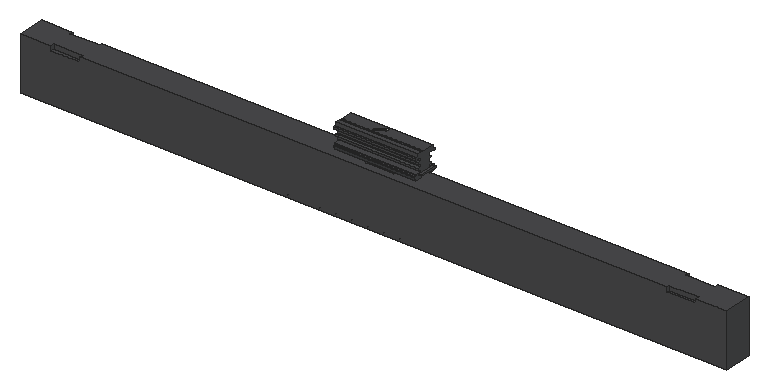
Revit family "DOT SINGLE HEAD RAIL 964_DTM40W9.5.36", category Luminarias, Revit 2019
Family settings
  Cota de conector redondo = Diámetro de uso
  Tipo de pieza = Normal
  Se basa en plano de trabajo = Sí
  Siempre vertical = Sí
  Corte con vacíos al cargar = No
  Origen de luz = Sí
  Compartido = No
  Punto de cálculo de habitación = No
Parameters (values of type "DOT SINGLE HEAD RAIL 964_DTM40W9.5.36")
  Ángulo de inclinación = 60.00°
  Zone [instance] = ""
  Watt per fixture = 40
  Wattage = 40 W
  built-in parameter 1150107 = 3000 (stored number, unit not read)
  built-in parameter 1150110 = 1 (stored number, unit not read)
  built-in parameter 1150109 = 1 (stored number, unit not read)
  built-in parameter 1150112 = 1 (stored number, unit not read)
  built-in parameter 1150113 = 1 (stored number, unit not read)
  built-in parameter 1114218 = 1 (stored number, unit not read)
  Keynote = ""
  built-in parameter 1150137 = (empty or 0)
  built-in parameter 1150132 = (empty or 0)
  Modelo = "DTM40W9.5.36"
  Lámpara = "3030SMD PHILIPS"
  built-in parameter 1150105 = 257.83 (stored number, unit not read)
  built-in parameter 1150102 = (empty or 0)
  built-in parameter 1150106 = 2.5783 (stored number, unit not read)
  Lumens = 3240 lm
  Color Filter = 16777215
  built-in parameter 1114217 = 1 (stored number, unit not read)
  built-in parameter 1150139 = (empty or 0)
  Fabricante = "BRILLANT"
  Default Elevation = 1219.2 mm
  built-in parameter 1150104 = 7.5251 (stored number, unit not read)
  Descripción = "LUMINARIA DOWNLIGHT EN FORMATO RECTANGULAR COMPATIBLE CON RIEL DE 6 ENTRADAS Y 3 CIRCUITOS CON CABEZAL PARA PODER DIRIGIR LA LUMINARIA HASTA 30 GRADOS, CUERPO DE ALUMINIO ACABADO EN COLOR NEGRO, IP 20, PESO 2.16Kg, TIPO DE LED 3030SMD PHILIPS CON 40W TOTAL, 3150 LUMENES, 81LM/W, IRC 90, TEMPERATURA EN BLANCO CALIDO 3000K, 50 MIL HORAS DE VIDA PROMEDIO, APERTURA DE 36 GRADOS POR PROYECTO, ALIMENTADO A 90-240V"
  built-in parameter 1150115 = 1 (stored number, unit not read)
  built-in parameter 1150114 = 1 (stored number, unit not read)
  Comentarios de vataje = "90-240V"
  built-in parameter 1150138 = (empty or 0)
  built-in parameter 1150134 = (empty or 0)
  Circuit [instance] = ""
  Dimming Lamp Color Temperature Shift = (empty or 0)
  Archivo de red fotométrica = "L964A-40W-830-B-36_IESNA95.IES"
  built-in parameter 1150133 = 10 (stored number, unit not read)
Reference planes
  plane 1 "Centro (Frontal/Posterior)": y = 0
  plane 2: z = 0
  plane 3 "Centro (Izquierda/Derecha)": x = 0
Forms (mm)
  Extrusion 1, solid, material "Default Form"
    sketch origin (0, 0, 0) x (1, 0, 0) y (0, 0, 1)
      loop
        line (-482, 0) -> (-482, -72) -> (482, -72) -> (482, 0) -> (-482, 0)
    from -18.326 to 18.326
  Blend 2, void
    base sketch origin (0, 0, 0) x (1, 0, 0) y (0, 1, 0)
      loop
        line (-162, 16.149) -> (-162, -16.149) -> (-144.14, -16.149) -> (-144.14, 16.149) -> (-162, 16.149)
    top sketch origin (0, 0, 0) x (1, 0, 0) y (0, 1, 0)
      loop
        line (-160, 12.149) -> (-160, -12.149) -> (-146.14, -12.149) -> (-146.14, 12.149) -> (-160, 12.149)
    from -72 to -61.591
  Blend 3, void
    base sketch origin (21.86, 0, 0) x (1, 0, 0) y (0, 1, 0)
      loop
        line (-162, 16.149) -> (-162, -16.149) -> (-144.14, -16.149) -> (-144.14, 16.149) -> (-162, 16.149)
    top sketch origin (21.86, 0, 0) x (1, 0, 0) y (0, 1, 0)
      loop
        line (-160, 12.149) -> (-160, -12.149) -> (-146.14, -12.149) -> (-146.14, 12.149) -> (-160, 12.149)
    from -72 to -61.591
  Blend 4, void
    base sketch origin (43.72, 0, 0) x (1, 0, 0) y (0, 1, 0)
      loop
        line (-162, 16.149) -> (-162, -16.149) -> (-144.14, -16.149) -> (-144.14, 16.149) -> (-162, 16.149)
    top sketch origin (43.72, 0, 0) x (1, 0, 0) y (0, 1, 0)
      loop
        line (-160, 12.149) -> (-160, -12.149) -> (-146.14, -12.149) -> (-146.14, 12.149) -> (-160, 12.149)
    from -72 to -61.591
  Blend 5, void
    base sketch origin (65.58, 0, 0) x (1, 0, 0) y (0, 1, 0)
      loop
        line (-162, 16.149) -> (-162, -16.149) -> (-144.14, -16.149) -> (-144.14, 16.149) -> (-162, 16.149)
    top sketch origin (65.58, 0, 0) x (1, 0, 0) y (0, 1, 0)
      loop
        line (-160, 12.149) -> (-160, -12.149) -> (-146.14, -12.149) -> (-146.14, 12.149) -> (-160, 12.149)
    from -72 to -61.591
  Blend 6, void
    base sketch origin (87.44, 0, 0) x (1, 0, 0) y (0, 1, 0)
      loop
        line (-162, 16.149) -> (-162, -16.149) -> (-144.14, -16.149) -> (-144.14, 16.149) -> (-162, 16.149)
    top sketch origin (87.44, 0, 0) x (1, 0, 0) y (0, 1, 0)
      loop
        line (-160, 12.149) -> (-160, -12.149) -> (-146.14, -12.149) -> (-146.14, 12.149) -> (-160, 12.149)
    from -72 to -61.591
  Blend 7, void
    base sketch origin (109.3, 0, 0) x (1, 0, 0) y (0, 1, 0)
      loop
        line (-162, 16.149) -> (-162, -16.149) -> (-144.14, -16.149) -> (-144.14, 16.149) -> (-162, 16.149)
    top sketch origin (109.3, 0, 0) x (1, 0, 0) y (0, 1, 0)
      loop
        line (-160, 12.149) -> (-160, -12.149) -> (-146.14, -12.149) -> (-146.14, 12.149) -> (-160, 12.149)
    from -72 to -61.591
  Blend 8, void
    base sketch origin (131.16, 0, 0) x (1, 0, 0) y (0, 1, 0)
      loop
        line (-162, 16.149) -> (-162, -16.149) -> (-144.14, -16.149) -> (-144.14, 16.149) -> (-162, 16.149)
    top sketch origin (131.16, 0, 0) x (1, 0, 0) y (0, 1, 0)
      loop
        line (-160, 12.149) -> (-160, -12.149) -> (-146.14, -12.149) -> (-146.14, 12.149) -> (-160, 12.149)
    from -72 to -61.591
  Blend 9, void
    base sketch origin (153.02, 0, 0) x (1, 0, 0) y (0, 1, 0)
      loop
        line (-162, 16.149) -> (-162, -16.149) -> (-144.14, -16.149) -> (-144.14, 16.149) -> (-162, 16.149)
    top sketch origin (153.02, 0, 0) x (1, 0, 0) y (0, 1, 0)
      loop
        line (-160, 12.149) -> (-160, -12.149) -> (-146.14, -12.149) -> (-146.14, 12.149) -> (-160, 12.149)
    from -72 to -61.591
  Blend 10, void
    base sketch origin (174.88, 0, 0) x (1, 0, 0) y (0, 1, 0)
      loop
        line (-162, 16.149) -> (-162, -16.149) -> (-144.14, -16.149) -> (-144.14, 16.149) -> (-162, 16.149)
    top sketch origin (174.88, 0, 0) x (1, 0, 0) y (0, 1, 0)
      loop
        line (-160, 12.149) -> (-160, -12.149) -> (-146.14, -12.149) -> (-146.14, 12.149) -> (-160, 12.149)
    from -72 to -61.591
  Blend 11, void
    base sketch origin (196.74, 0, 0) x (1, 0, 0) y (0, 1, 0)
      loop
        line (-162, 16.149) -> (-162, -16.149) -> (-144.14, -16.149) -> (-144.14, 16.149) -> (-162, 16.149)
    top sketch origin (196.74, 0, 0) x (1, 0, 0) y (0, 1, 0)
      loop
        line (-160, 12.149) -> (-160, -12.149) -> (-146.14, -12.149) -> (-146.14, 12.149) -> (-160, 12.149)
    from -72 to -61.591
  Blend 12, void
    base sketch origin (218.6, 0, 0) x (1, 0, 0) y (0, 1, 0)
      loop
        line (-162, 16.149) -> (-162, -16.149) -> (-144.14, -16.149) -> (-144.14, 16.149) -> (-162, 16.149)
    top sketch origin (218.6, 0, 0) x (1, 0, 0) y (0, 1, 0)
      loop
        line (-160, 12.149) -> (-160, -12.149) -> (-146.14, -12.149) -> (-146.14, 12.149) -> (-160, 12.149)
    from -72 to -61.591
  Blend 13, void
    base sketch origin (240.46, 0, 0) x (1, 0, 0) y (0, 1, 0)
      loop
        line (-162, 16.149) -> (-162, -16.149) -> (-144.14, -16.149) -> (-144.14, 16.149) -> (-162, 16.149)
    top sketch origin (240.46, 0, 0) x (1, 0, 0) y (0, 1, 0)
      loop
        line (-160, 12.149) -> (-160, -12.149) -> (-146.14, -12.149) -> (-146.14, 12.149) -> (-160, 12.149)
    from -72 to -61.591
  Blend 14, void
    base sketch origin (262.32, 0, 0) x (1, 0, 0) y (0, 1, 0)
      loop
        line (-162, 16.149) -> (-162, -16.149) -> (-144.14, -16.149) -> (-144.14, 16.149) -> (-162, 16.149)
    top sketch origin (262.32, 0, 0) x (1, 0, 0) y (0, 1, 0)
      loop
        line (-160, 12.149) -> (-160, -12.149) -> (-146.14, -12.149) -> (-146.14, 12.149) -> (-160, 12.149)
    from -72 to -61.591
  Blend 15, void
    base sketch origin (284.18, 0, 0) x (1, 0, 0) y (0, 1, 0)
      loop
        line (-162, 16.149) -> (-162, -16.149) -> (-144.14, -16.149) -> (-144.14, 16.149) -> (-162, 16.149)
    top sketch origin (284.18, 0, 0) x (1, 0, 0) y (0, 1, 0)
      loop
        line (-160, 12.149) -> (-160, -12.149) -> (-146.14, -12.149) -> (-146.14, 12.149) -> (-160, 12.149)
    from -72 to -61.591
  Blend 16, void
    base sketch origin (306.04, 0, 0) x (1, 0, 0) y (0, 1, 0)
      loop
        line (-162, 16.149) -> (-162, -16.149) -> (-144.14, -16.149) -> (-144.14, 16.149) -> (-162, 16.149)
    top sketch origin (306.04, 0, 0) x (1, 0, 0) y (0, 1, 0)
      loop
        line (-160, 12.149) -> (-160, -12.149) -> (-146.14, -12.149) -> (-146.14, 12.149) -> (-160, 12.149)
    from -72 to -61.591
  Extrusion 17, solid, material "Default Form"
    sketch origin (-55.628, 0, 7.5) x (0, 1, 0) y (0, 0, 1)
      loop
        line (-7.273, 1.74) -> (7.273, 1.74) -> (7.273, 0) -> (15.231, 0) -> (17.006, 4.494) -> (15.021, 4.494) -> (14.058, 5.868) -> (14.058, 7.166) -> (6.473, 7.166) -> (6.473, 9.324) -> (10.169, 10.163) -> (10.169, 12.464) -> (6.473, 13.302) -> (6.473, 16.66) -> (10.169, 17.499) -> (10.169, 19.8) -> (6.473, 20.638) -> (6.473, 25.016) -> (13.839, 25.016) -> (14.514, 24.341) -> (15.775, 24.341) -> (15.775, 27.171) -> (14.73, 27.171) -> (14.058, 26.499) -> (6.473, 26.499) -> (6.473, 27.299) -> (12.377, 27.299) -> (12.377, 31.471) -> (-2.744, 31.471) -> (-2.744, 30.671) -> (-5.514, 30.671) -> (-5.514, 31.471) -> (-12.377, 31.471) -> (-12.377, 27.299) -> (-6.473, 27.299) -> (-6.473, 26.499) -> (-14.058, 26.499) -> (-14.73, 27.171) -> (-15.775, 27.171) -> (-15.775, 24.341) -> (-14.514, 24.341) -> (-13.839, 25.016) -> (-6.473, 25.016) -> (-6.473, 20.638) -> (-10.169, 19.8) -> (-10.169, 17.499) -> (-6.473, 16.66) -> (-6.473, 13.302) -> (-10.169, 12.464) -> (-10.169, 10.163) -> (-6.473, 9.324) -> (-6.473, 7.166) -> (-14.058, 7.166) -> (-14.058, 5.868) -> (-15.021, 4.494) -> (-17.006, 4.494) -> (-15.231, 0) -> (-7.273, 0) -> (-7.273, 1.74)
    from 0 to 111.256
  Extrusion 18, solid, material "Default Form"
    sketch origin (0, 0, 0) x (1, 0, 0) y (0, 1, 0)
      loop
        line (-19.12, 6.873) -> (-19.12, -6.873) -> (19.12, -6.873) -> (19.12, 6.873) -> (-19.12, 6.873)
    from 0 to 2.67
  Extrusion 19, solid, material "Default Form"
    sketch origin (0, 0, 0) x (1, 0, 0) y (0, 1, 0)
      loop
        line (-10.93, 3.188) -> (-10.93, -3.188) -> (10.93, -3.188) -> (10.93, 3.188) -> (-10.93, 3.188)
    from 2.67 to 7.5
  Extrusion 20, void
    sketch origin (0, 0, 0) x (1, 0, 0) y (0, 1, 0)
      loop
        line (-400.28, 18.326) -> (-440, 18.326) -> (-440, 14.276) -> (-400.28, 14.276) -> (-400.28, 18.326)
      loop
        line (-440, -18.326) -> (-400.28, -18.326) -> (-400.28, -14.276) -> (-440, -14.276) -> (-440, -18.326)
      loop
        line (400.28, 18.326) -> (400.28, 14.276) -> (440, 14.276) -> (440, 18.326) -> (400.28, 18.326)
      loop
        line (440, -18.326) -> (440, -14.276) -> (400.28, -14.276) -> (400.28, -18.326) -> (440, -18.326)
    from -6.015 to 0
  Extrusion 21, solid, material "Acero Inoxidable"
    sketch origin (0, -1.594, 0) x (1, 0, 0) y (0, 0, -1)
      loop
        line (-15, -38.971) -> (3.794, -45.811) -> (4.341, -44.308) -> (3.589, -44.034) -> (3.316, -44.786) -> (-12.661, -38.971) -> (-15, -38.971)
    from 0 to 3.188
  Extrusion 22, solid, material "Default Form"
    sketch origin (0, 0, 0) x (1, 0, 0) y (0, 1, 0)
      loop
        line (-55.628, 6.473) -> (-66.331, 6.473) -> (-66.331, 0) -> (-55.628, 0) -> (-55.628, 6.473)
      loop
        line (55.628, 12.377) -> (55.628, -12.149) -> (60.628, -12.149) -> (60.628, 12.377) -> (55.628, 12.377)
    from 13.368 to 15
  Blend 23, void
    base sketch origin (-87.44, 0, 0) x (1, 0, 0) y (0, 1, 0)
      loop
        line (-162, 16.149) -> (-162, -16.149) -> (-144.14, -16.149) -> (-144.14, 16.149) -> (-162, 16.149)
    top sketch origin (-87.44, 0, 0) x (1, 0, 0) y (0, 1, 0)
      loop
        line (-160, 12.149) -> (-160, -12.149) -> (-146.14, -12.149) -> (-146.14, 12.149) -> (-160, 12.149)
    from -72 to -61.591
  Blend 24, void
    base sketch origin (-65.58, 0, 0) x (1, 0, 0) y (0, 1, 0)
      loop
        line (-162, 16.149) -> (-162, -16.149) -> (-144.14, -16.149) -> (-144.14, 16.149) -> (-162, 16.149)
    top sketch origin (-65.58, 0, 0) x (1, 0, 0) y (0, 1, 0)
      loop
        line (-160, 12.149) -> (-160, -12.149) -> (-146.14, -12.149) -> (-146.14, 12.149) -> (-160, 12.149)
    from -72 to -61.591
  Blend 25, void
    base sketch origin (-43.72, 0, 0) x (1, 0, 0) y (0, 1, 0)
      loop
        line (-162, 16.149) -> (-162, -16.149) -> (-144.14, -16.149) -> (-144.14, 16.149) -> (-162, 16.149)
    top sketch origin (-43.72, 0, 0) x (1, 0, 0) y (0, 1, 0)
      loop
        line (-160, 12.149) -> (-160, -12.149) -> (-146.14, -12.149) -> (-146.14, 12.149) -> (-160, 12.149)
    from -72 to -61.591
  Blend 26, void
    base sketch origin (-21.86, 0, 0) x (1, 0, 0) y (0, 1, 0)
      loop
        line (-162, 16.149) -> (-162, -16.149) -> (-144.14, -16.149) -> (-144.14, 16.149) -> (-162, 16.149)
    top sketch origin (-21.86, 0, 0) x (1, 0, 0) y (0, 1, 0)
      loop
        line (-160, 12.149) -> (-160, -12.149) -> (-146.14, -12.149) -> (-146.14, 12.149) -> (-160, 12.149)
    from -72 to -61.591
  Blend 27, void
    base sketch origin (-109.3, 0, 0) x (1, 0, 0) y (0, 1, 0)
      loop
        line (-162, 16.149) -> (-162, -16.149) -> (-144.14, -16.149) -> (-144.14, 16.149) -> (-162, 16.149)
    top sketch origin (-109.3, 0, 0) x (1, 0, 0) y (0, 1, 0)
      loop
        line (-160, 12.149) -> (-160, -12.149) -> (-146.14, -12.149) -> (-146.14, 12.149) -> (-160, 12.149)
    from -72 to -61.591
  Blend 28, void
    base sketch origin (327.9, 0, 0) x (1, 0, 0) y (0, 1, 0)
      loop
        line (-162, 16.149) -> (-162, -16.149) -> (-144.14, -16.149) -> (-144.14, 16.149) -> (-162, 16.149)
    top sketch origin (327.9, 0, 0) x (1, 0, 0) y (0, 1, 0)
      loop
        line (-160, 12.149) -> (-160, -12.149) -> (-146.14, -12.149) -> (-146.14, 12.149) -> (-160, 12.149)
    from -72 to -61.591
  Blend 29, void
    base sketch origin (349.76, 0, 0) x (1, 0, 0) y (0, 1, 0)
      loop
        line (-162, 16.149) -> (-162, -16.149) -> (-144.14, -16.149) -> (-144.14, 16.149) -> (-162, 16.149)
    top sketch origin (349.76, 0, 0) x (1, 0, 0) y (0, 1, 0)
      loop
        line (-160, 12.149) -> (-160, -12.149) -> (-146.14, -12.149) -> (-146.14, 12.149) -> (-160, 12.149)
    from -72 to -61.591
  Blend 30, void
    base sketch origin (371.62, 0, 0) x (1, 0, 0) y (0, 1, 0)
      loop
        line (-162, 16.149) -> (-162, -16.149) -> (-144.14, -16.149) -> (-144.14, 16.149) -> (-162, 16.149)
    top sketch origin (371.62, 0, 0) x (1, 0, 0) y (0, 1, 0)
      loop
        line (-160, 12.149) -> (-160, -12.149) -> (-146.14, -12.149) -> (-146.14, 12.149) -> (-160, 12.149)
    from -72 to -61.591
  Blend 31, void
    base sketch origin (393.48, 0, 0) x (1, 0, 0) y (0, 1, 0)
      loop
        line (-162, 16.149) -> (-162, -16.149) -> (-144.14, -16.149) -> (-144.14, 16.149) -> (-162, 16.149)
    top sketch origin (393.48, 0, 0) x (1, 0, 0) y (0, 1, 0)
      loop
        line (-160, 12.149) -> (-160, -12.149) -> (-146.14, -12.149) -> (-146.14, 12.149) -> (-160, 12.149)
    from -72 to -61.591
  Blend 32, void
    base sketch origin (415.34, 0, 0) x (1, 0, 0) y (0, 1, 0)
      loop
        line (-162, 16.149) -> (-162, -16.149) -> (-144.14, -16.149) -> (-144.14, 16.149) -> (-162, 16.149)
    top sketch origin (415.34, 0, 0) x (1, 0, 0) y (0, 1, 0)
      loop
        line (-160, 12.149) -> (-160, -12.149) -> (-146.14, -12.149) -> (-146.14, 12.149) -> (-160, 12.149)
    from -72 to -61.591
  Blend 33, void
    base sketch origin (-196.74, 0, 0) x (1, 0, 0) y (0, 1, 0)
      loop
        line (-162, 16.149) -> (-162, -16.149) -> (-144.14, -16.149) -> (-144.14, 16.149) -> (-162, 16.149)
    top sketch origin (-196.74, 0, 0) x (1, 0, 0) y (0, 1, 0)
      loop
        line (-160, 12.149) -> (-160, -12.149) -> (-146.14, -12.149) -> (-146.14, 12.149) -> (-160, 12.149)
    from -72 to -61.591
  Blend 34, void
    base sketch origin (-174.88, 0, 0) x (1, 0, 0) y (0, 1, 0)
      loop
        line (-162, 16.149) -> (-162, -16.149) -> (-144.14, -16.149) -> (-144.14, 16.149) -> (-162, 16.149)
    top sketch origin (-174.88, 0, 0) x (1, 0, 0) y (0, 1, 0)
      loop
        line (-160, 12.149) -> (-160, -12.149) -> (-146.14, -12.149) -> (-146.14, 12.149) -> (-160, 12.149)
    from -72 to -61.591
  Blend 35, void
    base sketch origin (-153.02, 0, 0) x (1, 0, 0) y (0, 1, 0)
      loop
        line (-162, 16.149) -> (-162, -16.149) -> (-144.14, -16.149) -> (-144.14, 16.149) -> (-162, 16.149)
    top sketch origin (-153.02, 0, 0) x (1, 0, 0) y (0, 1, 0)
      loop
        line (-160, 12.149) -> (-160, -12.149) -> (-146.14, -12.149) -> (-146.14, 12.149) -> (-160, 12.149)
    from -72 to -61.591
  Blend 36, void
    base sketch origin (-131.16, 0, 0) x (1, 0, 0) y (0, 1, 0)
      loop
        line (-162, 16.149) -> (-162, -16.149) -> (-144.14, -16.149) -> (-144.14, 16.149) -> (-162, 16.149)
    top sketch origin (-131.16, 0, 0) x (1, 0, 0) y (0, 1, 0)
      loop
        line (-160, 12.149) -> (-160, -12.149) -> (-146.14, -12.149) -> (-146.14, 12.149) -> (-160, 12.149)
    from -72 to -61.591
  Blend 37, void
    base sketch origin (-218.6, 0, 0) x (1, 0, 0) y (0, 1, 0)
      loop
        line (-162, 16.149) -> (-162, -16.149) -> (-144.14, -16.149) -> (-144.14, 16.149) -> (-162, 16.149)
    top sketch origin (-218.6, 0, 0) x (1, 0, 0) y (0, 1, 0)
      loop
        line (-160, 12.149) -> (-160, -12.149) -> (-146.14, -12.149) -> (-146.14, 12.149) -> (-160, 12.149)
    from -72 to -61.591
  Blend 38, void
    base sketch origin (437.2, 0, 0) x (1, 0, 0) y (0, 1, 0)
      loop
        line (-162, 16.149) -> (-162, -16.149) -> (-144.14, -16.149) -> (-144.14, 16.149) -> (-162, 16.149)
    top sketch origin (437.2, 0, 0) x (1, 0, 0) y (0, 1, 0)
      loop
        line (-160, 12.149) -> (-160, -12.149) -> (-146.14, -12.149) -> (-146.14, 12.149) -> (-160, 12.149)
    from -72 to -61.591
  Blend 39, void
    base sketch origin (459.06, 0, 0) x (1, 0, 0) y (0, 1, 0)
      loop
        line (-162, 16.149) -> (-162, -16.149) -> (-144.14, -16.149) -> (-144.14, 16.149) -> (-162, 16.149)
    top sketch origin (459.06, 0, 0) x (1, 0, 0) y (0, 1, 0)
      loop
        line (-160, 12.149) -> (-160, -12.149) -> (-146.14, -12.149) -> (-146.14, 12.149) -> (-160, 12.149)
    from -72 to -61.591
  Blend 40, void
    base sketch origin (480.92, 0, 0) x (1, 0, 0) y (0, 1, 0)
      loop
        line (-162, 16.149) -> (-162, -16.149) -> (-144.14, -16.149) -> (-144.14, 16.149) -> (-162, 16.149)
    top sketch origin (480.92, 0, 0) x (1, 0, 0) y (0, 1, 0)
      loop
        line (-160, 12.149) -> (-160, -12.149) -> (-146.14, -12.149) -> (-146.14, 12.149) -> (-160, 12.149)
    from -72 to -61.591
  Blend 41, void
    base sketch origin (502.78, 0, 0) x (1, 0, 0) y (0, 1, 0)
      loop
        line (-162, 16.149) -> (-162, -16.149) -> (-144.14, -16.149) -> (-144.14, 16.149) -> (-162, 16.149)
    top sketch origin (502.78, 0, 0) x (1, 0, 0) y (0, 1, 0)
      loop
        line (-160, 12.149) -> (-160, -12.149) -> (-146.14, -12.149) -> (-146.14, 12.149) -> (-160, 12.149)
    from -72 to -61.591
  Blend 42, void
    base sketch origin (524.64, 0, 0) x (1, 0, 0) y (0, 1, 0)
      loop
        line (-162, 16.149) -> (-162, -16.149) -> (-144.14, -16.149) -> (-144.14, 16.149) -> (-162, 16.149)
    top sketch origin (524.64, 0, 0) x (1, 0, 0) y (0, 1, 0)
      loop
        line (-160, 12.149) -> (-160, -12.149) -> (-146.14, -12.149) -> (-146.14, 12.149) -> (-160, 12.149)
    from -72 to -61.591
Cuts and joins
  Blend 2, Blend 3, Blend 4, Blend 5, Blend 6, Blend 7, Blend 8, Blend 9, Blend 10, Blend 11, Blend 12, Blend 13, Blend 14, Blend 15, Blend 16, Extrusion 20, Blend 23, Blend 24, Blend 25, Blend 26, Blend 27, Blend 28, Blend 29, Blend 30, Blend 31, Blend 32, Blend 33, Blend 34, Blend 35, Blend 36, Blend 37, Blend 38, Blend 39, Blend 40, Blend 41, Blend 42 cuts Extrusion 1
Dimensions and locks
  equal spacing: Extrusion 1, plane 1 "Centro (Frontal/Posterior)", Extrusion 1
  Extrusion 1 to plane 1 "Centro (Frontal/Posterior)" = 18.326 mm
  Extrusion 1 to Extrusion 1 = 36.651 mm
  Extrusion 1 to Extrusion 1 = 72 mm
  Extrusion 1 to Extrusion 1 = 964 mm
  cut or joined group 1 (Extrusion 1, Blend 2, Blend 3, Blend 4, Blend 5, Blend 6, Blend 7, Blend 8, Blend 9, Blend 10, Blend 11, Blend 12, Blend 13, Blend 14, Blend 15, Blend 16, Extrusion 20, Blend 23, Blend 24, Blend 25, Blend 26, Blend 27, Blend 28, Blend 29, Blend 30, Blend 31, Blend 32, Blend 33, Blend 34, Blend 35, Blend 36, Blend 37, Blend 38, Blend 39, Blend 40, Blend 41, Blend 42) to cut or joined group 1 = 72 mm
  cut or joined group 1 to cut or joined group 1 = 36.651 mm
  cut or joined group 1 to cut or joined group 1 = 964 mm
  equal spacing: cut or joined group 1, plane 1 "Centro (Frontal/Posterior)", cut or joined group 1
  cut or joined group 1 to cut or joined group 1 = 42 mm
  aligned and locked: level to plane 2
  aligned and locked: Extrusion 19 to Extrusion 17
  aligned and locked: Extrusion 19 to Extrusion 18
Automatic sketch dimensions
  Extrusion 1 sketch curve to level = 0 mm
  Extrusion 1 sketch curve to level = 72 mm
  Extrusion 1 sketch curve to plane 3 "Centro (Izquierda/Derecha)" = 482 mm
  plane 3 "Centro (Izquierda/Derecha)" to Extrusion 1 sketch curve = 482 mm
  Blend 2 sketch curve to plane 1 "Centro (Frontal/Posterior)" = 16.149 mm
  Blend 2 sketch curve to plane 3 "Centro (Izquierda/Derecha)" = 162 mm
  Blend 2 sketch curve to Blend 2 sketch curve = 17.86 mm
  plane 1 "Centro (Frontal/Posterior)" to Blend 2 sketch curve = 16.149 mm
  Blend 2 sketch curve to plane 1 "Centro (Frontal/Posterior)" = 12.149 mm
  Blend 2 sketch curve to plane 3 "Centro (Izquierda/Derecha)" = 160 mm
  Blend 2 sketch curve to Blend 2 sketch curve = 13.86 mm
  plane 1 "Centro (Frontal/Posterior)" to Blend 2 sketch curve = 12.149 mm
  Blend 3 sketch curve to plane 1 "Centro (Frontal/Posterior)" = 16.149 mm
  Blend 3 sketch curve to plane 3 "Centro (Izquierda/Derecha)" = 140.14 mm
  Blend 3 sketch curve to Blend 3 sketch curve = 17.86 mm
  plane 1 "Centro (Frontal/Posterior)" to Blend 3 sketch curve = 16.149 mm
  Blend 3 sketch curve to plane 1 "Centro (Frontal/Posterior)" = 12.149 mm
  Blend 3 sketch curve to plane 3 "Centro (Izquierda/Derecha)" = 138.14 mm
  Blend 3 sketch curve to Blend 3 sketch curve = 13.86 mm
  plane 1 "Centro (Frontal/Posterior)" to Blend 3 sketch curve = 12.149 mm
  Blend 4 sketch curve to plane 1 "Centro (Frontal/Posterior)" = 16.149 mm
  Blend 4 sketch curve to plane 3 "Centro (Izquierda/Derecha)" = 118.28 mm
  Blend 4 sketch curve to Blend 4 sketch curve = 17.86 mm
  plane 1 "Centro (Frontal/Posterior)" to Blend 4 sketch curve = 16.149 mm
  Blend 4 sketch curve to plane 1 "Centro (Frontal/Posterior)" = 12.149 mm
  Blend 4 sketch curve to plane 3 "Centro (Izquierda/Derecha)" = 116.28 mm
  Blend 4 sketch curve to Blend 4 sketch curve = 13.86 mm
  plane 1 "Centro (Frontal/Posterior)" to Blend 4 sketch curve = 12.149 mm
  Blend 5 sketch curve to plane 1 "Centro (Frontal/Posterior)" = 16.149 mm
  Blend 5 sketch curve to plane 3 "Centro (Izquierda/Derecha)" = 96.42 mm
  Blend 5 sketch curve to Blend 5 sketch curve = 17.86 mm
  plane 1 "Centro (Frontal/Posterior)" to Blend 5 sketch curve = 16.149 mm
  Blend 5 sketch curve to plane 1 "Centro (Frontal/Posterior)" = 12.149 mm
  Blend 5 sketch curve to plane 3 "Centro (Izquierda/Derecha)" = 94.42 mm
  Blend 5 sketch curve to Blend 5 sketch curve = 13.86 mm
  plane 1 "Centro (Frontal/Posterior)" to Blend 5 sketch curve = 12.149 mm
  Blend 6 sketch curve to plane 1 "Centro (Frontal/Posterior)" = 16.149 mm
  Blend 6 sketch curve to plane 3 "Centro (Izquierda/Derecha)" = 74.56 mm
  Blend 6 sketch curve to Blend 6 sketch curve = 17.86 mm
  plane 1 "Centro (Frontal/Posterior)" to Blend 6 sketch curve = 16.149 mm
  Blend 6 sketch curve to plane 1 "Centro (Frontal/Posterior)" = 12.149 mm
  Blend 6 sketch curve to plane 3 "Centro (Izquierda/Derecha)" = 72.56 mm
  Blend 6 sketch curve to Blend 6 sketch curve = 13.86 mm
  plane 1 "Centro (Frontal/Posterior)" to Blend 6 sketch curve = 12.149 mm
  Blend 7 sketch curve to plane 1 "Centro (Frontal/Posterior)" = 16.149 mm
  Blend 7 sketch curve to plane 3 "Centro (Izquierda/Derecha)" = 52.7 mm
  Blend 7 sketch curve to Blend 7 sketch curve = 17.86 mm
  plane 1 "Centro (Frontal/Posterior)" to Blend 7 sketch curve = 16.149 mm
  Blend 7 sketch curve to plane 1 "Centro (Frontal/Posterior)" = 12.149 mm
  Blend 7 sketch curve to plane 3 "Centro (Izquierda/Derecha)" = 50.7 mm
  Blend 7 sketch curve to Blend 7 sketch curve = 13.86 mm
  plane 1 "Centro (Frontal/Posterior)" to Blend 7 sketch curve = 12.149 mm
  Blend 8 sketch curve to plane 3 "Centro (Izquierda/Derecha)" = 30.84 mm
  Blend 8 sketch curve to plane 3 "Centro (Izquierda/Derecha)" = 12.98 mm
  plane 1 "Centro (Frontal/Posterior)" to Blend 8 sketch curve = 16.149 mm
  Blend 8 sketch curve to plane 1 "Centro (Frontal/Posterior)" = 16.149 mm
  Blend 8 sketch curve to plane 1 "Centro (Frontal/Posterior)" = 12.149 mm
  Blend 8 sketch curve to plane 3 "Centro (Izquierda/Derecha)" = 28.84 mm
  Blend 8 sketch curve to Blend 8 sketch curve = 13.86 mm
  plane 1 "Centro (Frontal/Posterior)" to Blend 8 sketch curve = 12.149 mm
  Blend 9 sketch curve to plane 3 "Centro (Izquierda/Derecha)" = 8.98 mm
  plane 3 "Centro (Izquierda/Derecha)" to Blend 9 sketch curve = 8.88 mm
  plane 1 "Centro (Frontal/Posterior)" to Blend 9 sketch curve = 16.149 mm
  Blend 9 sketch curve to plane 1 "Centro (Frontal/Posterior)" = 16.149 mm
  Blend 9 sketch curve to plane 3 "Centro (Izquierda/Derecha)" = 6.98 mm
  plane 3 "Centro (Izquierda/Derecha)" to Blend 9 sketch curve = 6.88 mm
  plane 1 "Centro (Frontal/Posterior)" to Blend 9 sketch curve = 12.149 mm
  Blend 9 sketch curve to plane 1 "Centro (Frontal/Posterior)" = 12.149 mm
  plane 3 "Centro (Izquierda/Derecha)" to Blend 10 sketch curve = 12.88 mm
  Blend 10 sketch curve to Blend 10 sketch curve = 17.86 mm
  plane 1 "Centro (Frontal/Posterior)" to Blend 10 sketch curve = 16.149 mm
  Blend 10 sketch curve to plane 1 "Centro (Frontal/Posterior)" = 16.149 mm
  plane 3 "Centro (Izquierda/Derecha)" to Blend 10 sketch curve = 14.88 mm
  Blend 10 sketch curve to Blend 10 sketch curve = 13.86 mm
  plane 1 "Centro (Frontal/Posterior)" to Blend 10 sketch curve = 12.149 mm
  Blend 10 sketch curve to plane 1 "Centro (Frontal/Posterior)" = 12.149 mm
  Blend 11 sketch curve to plane 1 "Centro (Frontal/Posterior)" = 16.149 mm
  plane 3 "Centro (Izquierda/Derecha)" to Blend 11 sketch curve = 34.74 mm
  Blend 11 sketch curve to Blend 11 sketch curve = 17.86 mm
  plane 1 "Centro (Frontal/Posterior)" to Blend 11 sketch curve = 16.149 mm
  Blend 11 sketch curve to plane 1 "Centro (Frontal/Posterior)" = 12.149 mm
  plane 3 "Centro (Izquierda/Derecha)" to Blend 11 sketch curve = 36.74 mm
  Blend 11 sketch curve to Blend 11 sketch curve = 13.86 mm
  plane 1 "Centro (Frontal/Posterior)" to Blend 11 sketch curve = 12.149 mm
  Blend 12 sketch curve to plane 1 "Centro (Frontal/Posterior)" = 16.149 mm
  plane 3 "Centro (Izquierda/Derecha)" to Blend 12 sketch curve = 56.6 mm
  Blend 12 sketch curve to Blend 12 sketch curve = 17.86 mm
  plane 1 "Centro (Frontal/Posterior)" to Blend 12 sketch curve = 16.149 mm
  Blend 12 sketch curve to plane 1 "Centro (Frontal/Posterior)" = 12.149 mm
  plane 3 "Centro (Izquierda/Derecha)" to Blend 12 sketch curve = 58.6 mm
  Blend 12 sketch curve to Blend 12 sketch curve = 13.86 mm
  plane 1 "Centro (Frontal/Posterior)" to Blend 12 sketch curve = 12.149 mm
  Blend 13 sketch curve to plane 1 "Centro (Frontal/Posterior)" = 16.149 mm
  plane 3 "Centro (Izquierda/Derecha)" to Blend 13 sketch curve = 78.46 mm
  Blend 13 sketch curve to Blend 13 sketch curve = 17.86 mm
  plane 1 "Centro (Frontal/Posterior)" to Blend 13 sketch curve = 16.149 mm
  Blend 13 sketch curve to plane 1 "Centro (Frontal/Posterior)" = 12.149 mm
  plane 3 "Centro (Izquierda/Derecha)" to Blend 13 sketch curve = 80.46 mm
  Blend 13 sketch curve to Blend 13 sketch curve = 13.86 mm
  plane 1 "Centro (Frontal/Posterior)" to Blend 13 sketch curve = 12.149 mm
  Blend 14 sketch curve to plane 1 "Centro (Frontal/Posterior)" = 16.149 mm
  plane 3 "Centro (Izquierda/Derecha)" to Blend 14 sketch curve = 100.32 mm
  Blend 14 sketch curve to Blend 14 sketch curve = 17.86 mm
  plane 1 "Centro (Frontal/Posterior)" to Blend 14 sketch curve = 16.149 mm
  Blend 14 sketch curve to plane 1 "Centro (Frontal/Posterior)" = 12.149 mm
  plane 3 "Centro (Izquierda/Derecha)" to Blend 14 sketch curve = 102.32 mm
  Blend 14 sketch curve to Blend 14 sketch curve = 13.86 mm
  plane 1 "Centro (Frontal/Posterior)" to Blend 14 sketch curve = 12.149 mm
  Blend 15 sketch curve to plane 1 "Centro (Frontal/Posterior)" = 16.149 mm
  plane 3 "Centro (Izquierda/Derecha)" to Blend 15 sketch curve = 122.18 mm
  Blend 15 sketch curve to Blend 15 sketch curve = 17.86 mm
  plane 1 "Centro (Frontal/Posterior)" to Blend 15 sketch curve = 16.149 mm
  Blend 15 sketch curve to plane 1 "Centro (Frontal/Posterior)" = 12.149 mm
  plane 3 "Centro (Izquierda/Derecha)" to Blend 15 sketch curve = 124.18 mm
  Blend 15 sketch curve to Blend 15 sketch curve = 13.86 mm
  plane 1 "Centro (Frontal/Posterior)" to Blend 15 sketch curve = 12.149 mm
  Blend 16 sketch curve to plane 1 "Centro (Frontal/Posterior)" = 16.149 mm
  plane 3 "Centro (Izquierda/Derecha)" to Blend 16 sketch curve = 144.04 mm
  Blend 16 sketch curve to Blend 16 sketch curve = 17.86 mm
  plane 1 "Centro (Frontal/Posterior)" to Blend 16 sketch curve = 16.149 mm
  Blend 16 sketch curve to plane 1 "Centro (Frontal/Posterior)" = 12.149 mm
  plane 3 "Centro (Izquierda/Derecha)" to Blend 16 sketch curve = 146.04 mm
  Blend 16 sketch curve to Blend 16 sketch curve = 13.86 mm
  plane 1 "Centro (Frontal/Posterior)" to Blend 16 sketch curve = 12.149 mm
  plane 1 "Centro (Frontal/Posterior)" to Extrusion 17 sketch curve = 17.006 mm
  plane 1 "Centro (Frontal/Posterior)" to Extrusion 17 sketch curve = 15.775 mm
  level to Extrusion 17 sketch curve = 7.5 mm  (x2)
  Extrusion 17 sketch curve to Extrusion 17 sketch curve = 1.775 mm
  Extrusion 17 sketch curve to Extrusion 17 sketch curve = 1.985 mm  (x2)
  Extrusion 17 sketch curve to Extrusion 17 sketch curve = 1.045 mm
  Extrusion 17 sketch curve to Extrusion 17 sketch curve = 1.261 mm  (x2)
  Extrusion 17 sketch curve to Extrusion 17 sketch curve = 0.963 mm  (x2)
  Extrusion 17 sketch curve to Extrusion 17 sketch curve = 0.672 mm  (x4)
  Extrusion 17 sketch curve to Extrusion 17 sketch curve = 0.675 mm  (x3)
  Extrusion 17 sketch curve to Extrusion 17 sketch curve = 2.354 mm
  Extrusion 17 sketch curve to Extrusion 17 sketch curve = 4.345 mm
  Extrusion 17 sketch curve to Extrusion 17 sketch curve = 3.89 mm  (x2)
  plane 1 "Centro (Frontal/Posterior)" to Extrusion 17 sketch curve = 7.273 mm
  Extrusion 17 sketch curve to Extrusion 17 sketch curve = 3.696 mm  (x4)
  Extrusion 17 sketch curve to Extrusion 17 sketch curve = 5.904 mm  (x2)
  Extrusion 17 sketch curve to Extrusion 17 sketch curve = 0 mm  (x3)
  Extrusion 17 sketch curve to Extrusion 17 sketch curve = 0.959 mm
  plane 1 "Centro (Frontal/Posterior)" to Extrusion 17 sketch curve = 2.744 mm
  Extrusion 17 sketch curve to plane 1 "Centro (Frontal/Posterior)" = 6.473 mm  (x2)
  Extrusion 17 sketch curve to Extrusion 17 sketch curve = 0.8 mm  (x3)
  Extrusion 17 sketch curve to Extrusion 17 sketch curve = 1.462 mm
  Extrusion 17 sketch curve to Extrusion 17 sketch curve = 0.22 mm
  Extrusion 17 sketch curve to Extrusion 17 sketch curve = 0.21 mm
  Extrusion 17 sketch curve to Extrusion 17 sketch curve = 1.74 mm
  Extrusion 17 sketch curve to Extrusion 17 sketch curve = 4.494 mm  (x2)
  Extrusion 17 sketch curve to Extrusion 17 sketch curve = 1.375 mm  (x2)
  Extrusion 17 sketch curve to Extrusion 17 sketch curve = 5.426 mm  (x2)
  Extrusion 17 sketch curve to Extrusion 17 sketch curve = 2.158 mm  (x2)
  Extrusion 17 sketch curve to Extrusion 17 sketch curve = 0.839 mm  (x8)
  Extrusion 17 sketch curve to Extrusion 17 sketch curve = 2.301 mm  (x4)
  Extrusion 17 sketch curve to Extrusion 17 sketch curve = 3.358 mm  (x2)
  Extrusion 17 sketch curve to Extrusion 17 sketch curve = 4.541 mm  (x2)
  Extrusion 17 sketch curve to Extrusion 17 sketch curve = 4.378 mm
  Extrusion 17 sketch curve to Extrusion 17 sketch curve = 1.483 mm  (x2)
  Extrusion 17 sketch curve to Extrusion 17 sketch curve = 3.372 mm
  Extrusion 17 sketch curve to Extrusion 17 sketch curve = 4.172 mm  (x2)
  plane 1 "Centro (Frontal/Posterior)" to Extrusion 18 sketch curve = 6.873 mm
  Extrusion 18 sketch curve to plane 3 "Centro (Izquierda/Derecha)" = 19.12 mm
  plane 3 "Centro (Izquierda/Derecha)" to Extrusion 18 sketch curve = 19.12 mm
  Extrusion 18 sketch curve to plane 1 "Centro (Frontal/Posterior)" = 6.873 mm
  plane 1 "Centro (Frontal/Posterior)" to Extrusion 19 sketch curve = 3.188 mm
  Extrusion 19 sketch curve to plane 3 "Centro (Izquierda/Derecha)" = 10.93 mm
  plane 3 "Centro (Izquierda/Derecha)" to Extrusion 19 sketch curve = 10.93 mm
  Extrusion 19 sketch curve to plane 1 "Centro (Frontal/Posterior)" = 3.188 mm
  plane 1 "Centro (Frontal/Posterior)" to Extrusion 20 sketch curve = 18.326 mm  (x2)
  Extrusion 20 sketch curve to plane 3 "Centro (Izquierda/Derecha)" = 440 mm
  Extrusion 20 sketch curve to Extrusion 20 sketch curve = 0 mm  (x4)
  Extrusion 20 sketch curve to Extrusion 20 sketch curve = 39.72 mm  (x2)
  Extrusion 20 sketch curve to plane 1 "Centro (Frontal/Posterior)" = 18.326 mm
  plane 3 "Centro (Izquierda/Derecha)" to Extrusion 20 sketch curve = 400.28 mm
  Extrusion 20 sketch curve to Extrusion 20 sketch curve = 4.049 mm  (x4)
  Extrusion 20 sketch curve to plane 1 "Centro (Frontal/Posterior)" = 14.276 mm
  Extrusion 21 sketch curve to plane 3 "Centro (Izquierda/Derecha)" = 15 mm
  Extrusion 21 sketch curve to Extrusion 21 sketch curve = 2.339 mm
  plane 3 "Centro (Izquierda/Derecha)" to Extrusion 21 sketch curve = 3.316 mm
  Extrusion 21 sketch curve to Extrusion 21 sketch curve = 0.274 mm
  Extrusion 21 sketch curve to Extrusion 21 sketch curve = 0.478 mm
  Extrusion 21 sketch curve to Extrusion 21 sketch curve = 0.752 mm
  level to Extrusion 21 sketch curve = 45.811 mm
  plane 1 "Centro (Frontal/Posterior)" to Extrusion 22 sketch curve = 0 mm
  Extrusion 22 sketch curve to plane 1 "Centro (Frontal/Posterior)" = 6.473 mm
  Extrusion 22 sketch curve to plane 3 "Centro (Izquierda/Derecha)" = 66.331 mm
  Extrusion 22 sketch curve to Extrusion 22 sketch curve = 10.703 mm
  Extrusion 22 sketch curve to plane 1 "Centro (Frontal/Posterior)" = 12.377 mm
  plane 3 "Centro (Izquierda/Derecha)" to Extrusion 22 sketch curve = 55.628 mm
  Extrusion 22 sketch curve to Extrusion 22 sketch curve = 5 mm
  plane 1 "Centro (Frontal/Posterior)" to Extrusion 22 sketch curve = 12.149 mm
  Blend 23 sketch curve to plane 1 "Centro (Frontal/Posterior)" = 16.149 mm
  Blend 23 sketch curve to plane 3 "Centro (Izquierda/Derecha)" = 249.44 mm
  Blend 23 sketch curve to Blend 23 sketch curve = 17.86 mm
  plane 1 "Centro (Frontal/Posterior)" to Blend 23 sketch curve = 16.149 mm
  Blend 23 sketch curve to plane 1 "Centro (Frontal/Posterior)" = 12.149 mm
  Blend 23 sketch curve to plane 3 "Centro (Izquierda/Derecha)" = 247.44 mm
  Blend 23 sketch curve to Blend 23 sketch curve = 13.86 mm
  plane 1 "Centro (Frontal/Posterior)" to Blend 23 sketch curve = 12.149 mm
  Blend 24 sketch curve to plane 1 "Centro (Frontal/Posterior)" = 16.149 mm
  Blend 24 sketch curve to plane 3 "Centro (Izquierda/Derecha)" = 227.58 mm
  Blend 24 sketch curve to Blend 24 sketch curve = 17.86 mm
  plane 1 "Centro (Frontal/Posterior)" to Blend 24 sketch curve = 16.149 mm
  Blend 24 sketch curve to plane 1 "Centro (Frontal/Posterior)" = 12.149 mm
  Blend 24 sketch curve to plane 3 "Centro (Izquierda/Derecha)" = 225.58 mm
  Blend 24 sketch curve to Blend 24 sketch curve = 13.86 mm
  plane 1 "Centro (Frontal/Posterior)" to Blend 24 sketch curve = 12.149 mm
  Blend 25 sketch curve to plane 1 "Centro (Frontal/Posterior)" = 16.149 mm
  Blend 25 sketch curve to plane 3 "Centro (Izquierda/Derecha)" = 205.72 mm
  Blend 25 sketch curve to Blend 25 sketch curve = 17.86 mm
  plane 1 "Centro (Frontal/Posterior)" to Blend 25 sketch curve = 16.149 mm
  Blend 25 sketch curve to plane 1 "Centro (Frontal/Posterior)" = 12.149 mm
  Blend 25 sketch curve to plane 3 "Centro (Izquierda/Derecha)" = 203.72 mm
  Blend 25 sketch curve to Blend 25 sketch curve = 13.86 mm
  plane 1 "Centro (Frontal/Posterior)" to Blend 25 sketch curve = 12.149 mm
  Blend 26 sketch curve to plane 1 "Centro (Frontal/Posterior)" = 16.149 mm
  Blend 26 sketch curve to plane 3 "Centro (Izquierda/Derecha)" = 183.86 mm
  Blend 26 sketch curve to Blend 26 sketch curve = 17.86 mm
  plane 1 "Centro (Frontal/Posterior)" to Blend 26 sketch curve = 16.149 mm
  Blend 26 sketch curve to plane 1 "Centro (Frontal/Posterior)" = 12.149 mm
  Blend 26 sketch curve to plane 3 "Centro (Izquierda/Derecha)" = 181.86 mm
  Blend 26 sketch curve to Blend 26 sketch curve = 13.86 mm
  plane 1 "Centro (Frontal/Posterior)" to Blend 26 sketch curve = 12.149 mm
  Blend 27 sketch curve to plane 1 "Centro (Frontal/Posterior)" = 16.149 mm
  Blend 27 sketch curve to plane 3 "Centro (Izquierda/Derecha)" = 271.3 mm
  Blend 27 sketch curve to Blend 27 sketch curve = 17.86 mm
  plane 1 "Centro (Frontal/Posterior)" to Blend 27 sketch curve = 16.149 mm
  Blend 27 sketch curve to plane 1 "Centro (Frontal/Posterior)" = 12.149 mm
  Blend 27 sketch curve to plane 3 "Centro (Izquierda/Derecha)" = 269.3 mm
  Blend 27 sketch curve to Blend 27 sketch curve = 13.86 mm
  plane 1 "Centro (Frontal/Posterior)" to Blend 27 sketch curve = 12.149 mm
  Blend 28 sketch curve to plane 1 "Centro (Frontal/Posterior)" = 16.149 mm
  plane 3 "Centro (Izquierda/Derecha)" to Blend 28 sketch curve = 165.9 mm
  Blend 28 sketch curve to Blend 28 sketch curve = 17.86 mm
  plane 1 "Centro (Frontal/Posterior)" to Blend 28 sketch curve = 16.149 mm
  Blend 28 sketch curve to plane 1 "Centro (Frontal/Posterior)" = 12.149 mm
  plane 3 "Centro (Izquierda/Derecha)" to Blend 28 sketch curve = 167.9 mm
  Blend 28 sketch curve to Blend 28 sketch curve = 13.86 mm
  plane 1 "Centro (Frontal/Posterior)" to Blend 28 sketch curve = 12.149 mm
  Blend 29 sketch curve to plane 1 "Centro (Frontal/Posterior)" = 16.149 mm
  plane 3 "Centro (Izquierda/Derecha)" to Blend 29 sketch curve = 187.76 mm
  Blend 29 sketch curve to Blend 29 sketch curve = 17.86 mm
  plane 1 "Centro (Frontal/Posterior)" to Blend 29 sketch curve = 16.149 mm
  Blend 29 sketch curve to plane 1 "Centro (Frontal/Posterior)" = 12.149 mm
  plane 3 "Centro (Izquierda/Derecha)" to Blend 29 sketch curve = 189.76 mm
  Blend 29 sketch curve to Blend 29 sketch curve = 13.86 mm
  plane 1 "Centro (Frontal/Posterior)" to Blend 29 sketch curve = 12.149 mm
  Blend 30 sketch curve to plane 1 "Centro (Frontal/Posterior)" = 16.149 mm
  plane 3 "Centro (Izquierda/Derecha)" to Blend 30 sketch curve = 209.62 mm
  Blend 30 sketch curve to Blend 30 sketch curve = 17.86 mm
  plane 1 "Centro (Frontal/Posterior)" to Blend 30 sketch curve = 16.149 mm
  Blend 30 sketch curve to plane 1 "Centro (Frontal/Posterior)" = 12.149 mm
  plane 3 "Centro (Izquierda/Derecha)" to Blend 30 sketch curve = 211.62 mm
  Blend 30 sketch curve to Blend 30 sketch curve = 13.86 mm
  plane 1 "Centro (Frontal/Posterior)" to Blend 30 sketch curve = 12.149 mm
  Blend 31 sketch curve to plane 1 "Centro (Frontal/Posterior)" = 16.149 mm
  plane 3 "Centro (Izquierda/Derecha)" to Blend 31 sketch curve = 231.48 mm
  Blend 31 sketch curve to Blend 31 sketch curve = 17.86 mm
  plane 1 "Centro (Frontal/Posterior)" to Blend 31 sketch curve = 16.149 mm
  Blend 31 sketch curve to plane 1 "Centro (Frontal/Posterior)" = 12.149 mm
  plane 3 "Centro (Izquierda/Derecha)" to Blend 31 sketch curve = 233.48 mm
  Blend 31 sketch curve to Blend 31 sketch curve = 13.86 mm
  plane 1 "Centro (Frontal/Posterior)" to Blend 31 sketch curve = 12.149 mm
  Blend 32 sketch curve to plane 1 "Centro (Frontal/Posterior)" = 16.149 mm
  plane 3 "Centro (Izquierda/Derecha)" to Blend 32 sketch curve = 253.34 mm
  Blend 32 sketch curve to Blend 32 sketch curve = 17.86 mm
  plane 1 "Centro (Frontal/Posterior)" to Blend 32 sketch curve = 16.149 mm
  Blend 32 sketch curve to plane 1 "Centro (Frontal/Posterior)" = 12.149 mm
  plane 3 "Centro (Izquierda/Derecha)" to Blend 32 sketch curve = 255.34 mm
  Blend 32 sketch curve to Blend 32 sketch curve = 13.86 mm
  plane 1 "Centro (Frontal/Posterior)" to Blend 32 sketch curve = 12.149 mm
  Blend 33 sketch curve to plane 1 "Centro (Frontal/Posterior)" = 16.149 mm
  Blend 33 sketch curve to plane 3 "Centro (Izquierda/Derecha)" = 358.74 mm
  Blend 33 sketch curve to Blend 33 sketch curve = 17.86 mm
  plane 1 "Centro (Frontal/Posterior)" to Blend 33 sketch curve = 16.149 mm
  Blend 33 sketch curve to plane 1 "Centro (Frontal/Posterior)" = 12.149 mm
  Blend 33 sketch curve to plane 3 "Centro (Izquierda/Derecha)" = 356.74 mm
  Blend 33 sketch curve to Blend 33 sketch curve = 13.86 mm
  plane 1 "Centro (Frontal/Posterior)" to Blend 33 sketch curve = 12.149 mm
  Blend 34 sketch curve to plane 1 "Centro (Frontal/Posterior)" = 16.149 mm
  Blend 34 sketch curve to plane 3 "Centro (Izquierda/Derecha)" = 336.88 mm
  Blend 34 sketch curve to Blend 34 sketch curve = 17.86 mm
  plane 1 "Centro (Frontal/Posterior)" to Blend 34 sketch curve = 16.149 mm
  Blend 34 sketch curve to plane 1 "Centro (Frontal/Posterior)" = 12.149 mm
  Blend 34 sketch curve to plane 3 "Centro (Izquierda/Derecha)" = 334.88 mm
  Blend 34 sketch curve to Blend 34 sketch curve = 13.86 mm
  plane 1 "Centro (Frontal/Posterior)" to Blend 34 sketch curve = 12.149 mm
  Blend 35 sketch curve to plane 1 "Centro (Frontal/Posterior)" = 16.149 mm
  Blend 35 sketch curve to plane 3 "Centro (Izquierda/Derecha)" = 315.02 mm
  Blend 35 sketch curve to Blend 35 sketch curve = 17.86 mm
  plane 1 "Centro (Frontal/Posterior)" to Blend 35 sketch curve = 16.149 mm
  Blend 35 sketch curve to plane 1 "Centro (Frontal/Posterior)" = 12.149 mm
  Blend 35 sketch curve to plane 3 "Centro (Izquierda/Derecha)" = 313.02 mm
  Blend 35 sketch curve to Blend 35 sketch curve = 13.86 mm
  plane 1 "Centro (Frontal/Posterior)" to Blend 35 sketch curve = 12.149 mm
  Blend 36 sketch curve to plane 1 "Centro (Frontal/Posterior)" = 16.149 mm
  Blend 36 sketch curve to plane 3 "Centro (Izquierda/Derecha)" = 293.16 mm
  Blend 36 sketch curve to Blend 36 sketch curve = 17.86 mm
  plane 1 "Centro (Frontal/Posterior)" to Blend 36 sketch curve = 16.149 mm
  Blend 36 sketch curve to plane 1 "Centro (Frontal/Posterior)" = 12.149 mm
  Blend 36 sketch curve to plane 3 "Centro (Izquierda/Derecha)" = 291.16 mm
  Blend 36 sketch curve to Blend 36 sketch curve = 13.86 mm
  plane 1 "Centro (Frontal/Posterior)" to Blend 36 sketch curve = 12.149 mm
  Blend 37 sketch curve to plane 1 "Centro (Frontal/Posterior)" = 16.149 mm
  Blend 37 sketch curve to plane 3 "Centro (Izquierda/Derecha)" = 380.6 mm
  Blend 37 sketch curve to Blend 37 sketch curve = 17.86 mm
  plane 1 "Centro (Frontal/Posterior)" to Blend 37 sketch curve = 16.149 mm
  Blend 37 sketch curve to plane 1 "Centro (Frontal/Posterior)" = 12.149 mm
  Blend 37 sketch curve to plane 3 "Centro (Izquierda/Derecha)" = 378.6 mm
  Blend 37 sketch curve to Blend 37 sketch curve = 13.86 mm
  plane 1 "Centro (Frontal/Posterior)" to Blend 37 sketch curve = 12.149 mm
  Blend 38 sketch curve to plane 1 "Centro (Frontal/Posterior)" = 16.149 mm
  plane 3 "Centro (Izquierda/Derecha)" to Blend 38 sketch curve = 275.2 mm
  Blend 38 sketch curve to Blend 38 sketch curve = 17.86 mm
  plane 1 "Centro (Frontal/Posterior)" to Blend 38 sketch curve = 16.149 mm
  Blend 38 sketch curve to plane 1 "Centro (Frontal/Posterior)" = 12.149 mm
  plane 3 "Centro (Izquierda/Derecha)" to Blend 38 sketch curve = 277.2 mm
  Blend 38 sketch curve to Blend 38 sketch curve = 13.86 mm
  plane 1 "Centro (Frontal/Posterior)" to Blend 38 sketch curve = 12.149 mm
  Blend 39 sketch curve to plane 1 "Centro (Frontal/Posterior)" = 16.149 mm
  plane 3 "Centro (Izquierda/Derecha)" to Blend 39 sketch curve = 297.06 mm
  Blend 39 sketch curve to Blend 39 sketch curve = 17.86 mm
  plane 1 "Centro (Frontal/Posterior)" to Blend 39 sketch curve = 16.149 mm
  Blend 39 sketch curve to plane 1 "Centro (Frontal/Posterior)" = 12.149 mm
  plane 3 "Centro (Izquierda/Derecha)" to Blend 39 sketch curve = 299.06 mm
  Blend 39 sketch curve to Blend 39 sketch curve = 13.86 mm
  plane 1 "Centro (Frontal/Posterior)" to Blend 39 sketch curve = 12.149 mm
  Blend 40 sketch curve to plane 1 "Centro (Frontal/Posterior)" = 16.149 mm
  plane 3 "Centro (Izquierda/Derecha)" to Blend 40 sketch curve = 318.92 mm
  Blend 40 sketch curve to Blend 40 sketch curve = 17.86 mm
  plane 1 "Centro (Frontal/Posterior)" to Blend 40 sketch curve = 16.149 mm
  Blend 40 sketch curve to plane 1 "Centro (Frontal/Posterior)" = 12.149 mm
  plane 3 "Centro (Izquierda/Derecha)" to Blend 40 sketch curve = 320.92 mm
  Blend 40 sketch curve to Blend 40 sketch curve = 13.86 mm
  plane 1 "Centro (Frontal/Posterior)" to Blend 40 sketch curve = 12.149 mm
  Blend 41 sketch curve to plane 1 "Centro (Frontal/Posterior)" = 16.149 mm
  plane 3 "Centro (Izquierda/Derecha)" to Blend 41 sketch curve = 340.78 mm
  Blend 41 sketch curve to Blend 41 sketch curve = 17.86 mm
  plane 1 "Centro (Frontal/Posterior)" to Blend 41 sketch curve = 16.149 mm
  Blend 41 sketch curve to plane 1 "Centro (Frontal/Posterior)" = 12.149 mm
  plane 3 "Centro (Izquierda/Derecha)" to Blend 41 sketch curve = 342.78 mm
  Blend 41 sketch curve to Blend 41 sketch curve = 13.86 mm
  plane 1 "Centro (Frontal/Posterior)" to Blend 41 sketch curve = 12.149 mm
  Blend 42 sketch curve to plane 1 "Centro (Frontal/Posterior)" = 16.149 mm
  plane 3 "Centro (Izquierda/Derecha)" to Blend 42 sketch curve = 362.64 mm
  Blend 42 sketch curve to Blend 42 sketch curve = 17.86 mm
  plane 1 "Centro (Frontal/Posterior)" to Blend 42 sketch curve = 16.149 mm
  Blend 42 sketch curve to plane 1 "Centro (Frontal/Posterior)" = 12.149 mm
  plane 3 "Centro (Izquierda/Derecha)" to Blend 42 sketch curve = 364.64 mm
  Blend 42 sketch curve to Blend 42 sketch curve = 13.86 mm
  plane 1 "Centro (Frontal/Posterior)" to Blend 42 sketch curve = 12.149 mm
Connectors
  electrical at (0, 0, 0)
    settings: on cut or joined group 1, index 1, voltage 240 V, apparent load 0 VA, apparent load phase1 0 VA, apparent load phase2 0 VA, apparent load phase3 0 VA, power factor 1, load classification "Otro", number of poles 1, system type 31, power factor state 1, is connector primary yes, connector utility no, sub classification motor no, connector description ""
